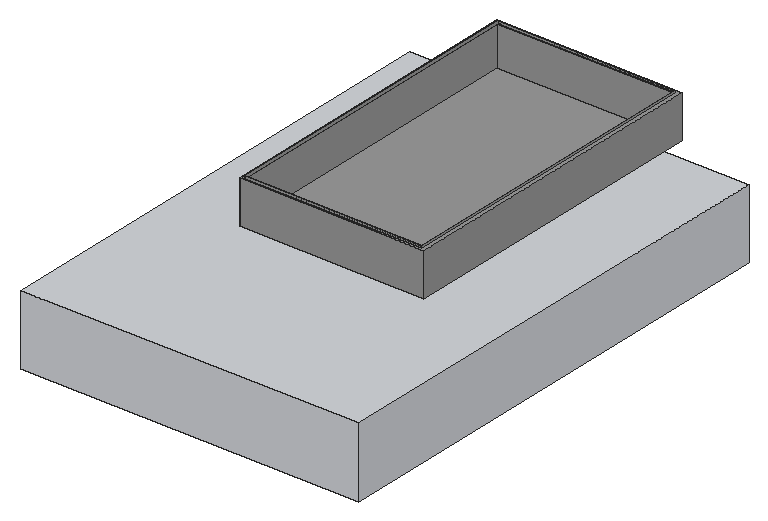
Revit family "Hager-Univers-IP30-D205-H1400-Cl.II-Encl-NL-en", category Equipement électrique, Revit 2020
Family settings
  Hôte = Face
  Configuration du panneau = Deux colonnes, circuits au sein
  Cote de connecteur circulaire = Utiliser le diamètre
  Type d'élément = Tableau de raccordement
  Couper avec des vides une fois chargée = Non
  Partagée = Non
  Point de calcul de pièce = Non
Parameters (values of type "Surface mounted (plaster) IP30 W800 H1400 D205  - FP93Q1S")
  Width Control [instance] = if([EF000008 - Width] > Min Width, [EF000008 - Width], Min Width)  # 800 mm
  Commentaires du type = [HG000003 - Range]  # "Univers"
  Thickness Door [instance] = if([EF009171 - Material plate thickness door/cover] > 3 mm, 3 mm, [EF009171 - Material plate thickness door/cover])  # 1 mm
  Seal Frame Offset [instance] = 17 mm  # constant formula
  Plinth Visibility [instance] = [HG000027 - Plinth height] > 0 mm  # no
  Model = ""
  Min Width [instance] = 100 mm  # constant formula
  Min Height [instance] = 100 mm  # constant formula
  Min Depth [instance] = (2 * [EF009170 - Material plate thickness cabinet]) + 1 mm  # 3 mm
  Internal Frame Depth [instance] = (Door System Depth * 0.5)  # 9 mm
  Height Control [instance] = if([EF000040 - Height] > Min Height, [EF000040 - Height], Min Height)  # 1400 mm
  HG000027 - Plinth height = 0 mm
  HG000026 - Floor standing = no
  HG000024 - Bottom section height = 800 mm
  HG000023 - Double section enclosure = no
  HG000016 - Door 3d visibility [instance] = yes
  HG000015 - Clearance visibility [instance] = no
  HG000014 - Door on the right [instance] = yes
  HG000013 - Door on the left [instance] = not([HG000014 - Door on the right])  # no
  HG000012 - Door swing angle [instance] = 30.00°
  HG000010 - Asymmetric doors = no
  HG000009 - Double swing door = no
  HG000006 - Flush mounted = no
  HG000004 - Manufacturer reference = "FP93Q1S"
  HG000003 - Range = "Univers"
  HG000002 - With door or cover = no
  Frame Offset Bottom [instance] = 10 mm  # constant formula
  Frame Offset [instance] = 15 mm  # constant formula
  EF015940 - Cover with overpressure release = no
  EF011959 - Degree of protection (NEMA) = ""
  EF009554 - Number of openings for flange plates = 6
  EF009212 - Cover model = "EV009916 - With notch"
  EF009171 - Material plate thickness door/cover = 1 mm
  EF009170 - Material plate thickness cabinet = 1 mm
  Fabricant = "Hager"  # constant formula
  EF008873 - Nominal current (In) = 250 A
  EF007800 - Suitable for lightning protection = no
  EF006306 - With lock = no
  EF006244 - Transparent cover/door = no
  EF005474 - Degree of protection (IP) = "EV006410 - IP30"
  EF004464 - Type of door = "EV000494 - None"
  EF004427 - Number of modules = 324
  EF004293 - Impact strength = "EV006813 - IK07"
  EF003532 - Suitable for outdoor use = no
  EF002950 - Width in number of modular spacings = 36
  EF001613 - Circuit integrity = "EV000494 - None"
  EF001596 - Material housing = "EV000179 - Steel"
  EF001131 - Internal depth = 130 mm
  EF001088 - Extension possible = yes
  EF000437 - Number of conduit inlets = 6
  EF000339 - Type of cover = "EV000494 - None"
  EF000266 - Number of rows = 9
  EF000218 - Built-in depth = 0 mm
  EF000118 - With mounting plate = no
  EF000116 - RAL-number = "9010"
  EF000049 - Depth = 205 mm
  EF000040 - Height = 1400 mm
  EF000008 - Width = 800 mm
  EF000007 - Colour = "EV000202 - White"
  EF000003 - Mounting method = "EV000384 - Surface mounted (plaster)"
  Door System Leaf Tolerance [instance] = 1.5 mm  # constant formula
  Door System Depth [instance] = 18 mm  # constant formula
  Door Height [instance] = Height Control - [HG000027 - Plinth height]  # 1400 mm
  Depth Control [instance] = if([EF000049 - Depth] > Min Depth, [EF000049 - Depth], Min Depth)  # 205 mm
  Default Elevation = 0 mm
  Connector Offset [instance] = Height Control / 2  # 700 mm
  Bottom Top Plate Trim [instance] = 1.5 mm  # constant formula
  Plinth height Ctrl [instance] = if([HG000027 - Plinth height] > 0 mm, [HG000027 - Plinth height], 12 mm)  # 12 mm
Types (5, lengths in mm): name | Width Control | HG000004 - Manufacturer reference | EF009554 - Number of openings for flange plates | EF004427 - Number of modules | EF002950 - Width in number of modular spacings | EF000437 - Number of conduit inlets | EF000008 - Width
  Surface mounted (plaster) IP30 W1050 H1400 D205  - FP94Q1S | 1050 | "FP94Q1S" | 8 | 432 | 48 | 8 | 1050
  Surface mounted (plaster) IP30 W1300 H1400 D205  - FP95Q1S | 1300 | "FP95Q1S" | 10 | 540 | 60 | 10 | 1300
  Surface mounted (plaster) IP30 W300 H1400 D205  - FP91Q1S | 300 | "FP91Q1S" | 2 | 108 | 12 | 2 | 300
  Surface mounted (plaster) IP30 W550 H1400 D205  - FP92Q1S | 550 | "FP92Q1S" | 4 | 216 | 24 | 4 | 550
  Surface mounted (plaster) IP30 W800 H1400 D205  - FP93Q1S | 800 | "FP93Q1S" | 6 | 324 | 36 | 6 | 800
Reference planes
  plane 1 "Center (Front/Back)": y = 0
  plane 2: z = 0
  plane 3 "Center (Left/Right)": x = 0
  plane 4: z = 205
  plane 5: y = 1
  plane 6: y = 700
  plane 7: y = 0
  plane 8: y = 1400
  plane 9: z = 0
  plane 10: x = -385
  plane 11: x = 385
  plane 12: x = 384
  plane 13: x = -384
  plane 14: y = 1399
  plane 15: x = -383
  plane 16: x = -400
  plane 17: x = 383
  plane 18: x = 400
  plane 19: x = 399
  plane 20: x = -399
  plane 21: y = 11
  plane 22: y = 1400
  plane 23: y = 1384
  plane 24: z = 187
  plane 25: z = 1
  plane 26: z = 186
  plane 27: z = 204
Forms (mm)
  Extrusion 1, solid
    sketch origin (0, 0, 0) x (1, 0, 0) y (0, 1, 0)
      loop
        line (-702.964, 1305) -> (-702.964, -811.445) -> (766.763, -811.445) -> (766.763, 1305) -> (-702.964, 1305)
    from 0 to -304.8
  Extrusion 2, solid, material "Hager_Steel_RAL7035_Light_Grey", visible <- "Plinth Visibility", detail levels medium+fine
    sketch origin (0, 0, 0) x (1, 0, 0) y (0, 1, 0)
      loop
        line (-400, 0) -> (400, 0) -> (400, 12) -> (-400, 12) -> (-400, 0)
    from 0 to 187
  Extrusion 3, solid, material "Hager_Steel_RAL7035_Light_Grey", detail levels medium+fine
    sketch origin (0, 0, 0) x (1, 0, 0) y (0, 1, 0)
      loop
        line (-400, 0) -> (400, 0) -> (400, 1400) -> (-400, 1400) -> (-400, 0)
    from 0 to 187
  Extrusion 4, void
    sketch origin (0, 0, 0) x (1, 0, 0) y (0, 1, 0)
      loop
        line (-399, 1) -> (399, 1) -> (399, 1399) -> (-399, 1399) -> (-399, 1)
    from 1 to 186
  Extrusion 5, void
    sketch origin (-381.607, -4572, 187) x (0, -1, 0) y (-1, 0, 0)
      loop
        line (-4583, 2.393) -> (-5956, 2.393) -> (-5956, -765.607) -> (-4583, -765.607) -> (-4583, 2.393)
    from 0 to 1 <- "EF009170 - Material plate thickness cabinet"
  Extrusion 6, solid, material "Hager_Steel_RAL7035_Light_Grey", detail levels fine
    sketch origin (0, 0, 187) x (1, 0, 0) y (0, 1, 0)
      loop
        line (-384, 1384) -> (-384, 11) -> (384, 11) -> (384, 1384) -> (-384, 1384)
      loop
        line (-385, 10) -> (385, 10) -> (385, 1385) -> (-385, 1385) -> (-385, 10)
    from 0 to 9 <- "Internal Frame Depth"
  Extrusion 7, solid, material "Hager_Steel_RAL7035_Light_Grey", detail levels coarse
    sketch origin (0, 0, 0) x (1, 0, 0) y (0, 1, 0)
      loop
        line (-400, 0) -> (400, 0) -> (400, 1400) -> (-400, 1400) -> (-400, 0)
    from 0 to 205
  Sweep 8, void
    path in 3D
      loop
        line (-400, 12, 0) -> (400, 12, 0) -> (400, 12, 187) -> (-400, 12, 187) -> (-400, 12, 0)
    profile origin (-400, 12, 93.5) x (-1, 0, 0) y (0, -1, 0)
      loop
        line (0, 0) -> (0, 1.5) -> (-1.5, 1.5)
        arc (-1.5, 1.5) -> (-1.061, 0.439) -> (0, 0) r 1.5
Cuts and joins
  Extrusion 4, Extrusion 5 cuts Extrusion 3
  Sweep 8 cuts Extrusion 2
Lines and regions (mm)
  Masking region 1
    outline origin (0, 0, 0) x (1, 0, 0) y (0, 0, 1)
      loop
        line (-400, 205) -> (-400, 0) -> (400, 0) -> (400, 205) -> (-400, 205)
  Masking region 2, detail levels medium+fine
    outline origin (0, 140, 0) x (0, 1, 0) y (0, 0, 1)
      loop
        line (-140, 0) -> (1260, 0) -> (1260, 187) -> (-140, 187) -> (-140, 0)
  Masking region 3, not visible, detail levels medium+fine
    outline origin (0, 297.922, 0) x (0, 1, 0) y (0, 0, 1)
      loop
        line (413.578, 0) -> (453.578, 0) -> (453.578, 194)
        arc (453.578, 194) -> (450.649, 201.071) -> (443.578, 204) r 10
        line (443.578, 204) -> (413.578, 204) -> (413.578, 0)
  Masking region 4, detail levels coarse
    outline origin (0, 0, 180) x (0, 1, 0) y (0, 0, 1)
      loop
        line (0, -180) -> (1400, -180) -> (1400, 25) -> (0, 25) -> (0, -180)
  Masking region 5, visible <- "Plinth Visibility", detail levels medium+fine
    outline origin (0, 52.24, 12.345) x (0, 0, -1) y (0, 1, 0)
      loop
        line (10.845, -40.24) -> (-173.155, -40.24)
        arc (-173.155, -40.24) -> (-173.594, -41.301) -> (-174.655, -41.74) r 1.5
        line (-174.655, -41.74) -> (-174.655, -52.24) -> (12.345, -52.24) -> (12.345, -41.74)
        arc (12.345, -41.74) -> (11.285, -41.301) -> (10.845, -40.24) r 1.5
  Masking region 6, detail levels medium+fine
    outline origin (-381.607, -4572, 187) x (-1, 0, 0) y (0, -1, 0)
      loop
        line (18.393, -5972) -> (18.393, -4572) -> (-781.607, -4572) -> (-781.607, -5972) -> (18.393, -5972)
  Masking region 7, visible <- "Plinth Visibility", detail levels medium+fine
    outline origin (-381.607, -4727, 187) x (-1, 0, 0) y (0, -1, 0)
      loop
        arc (16.893, -4739) -> (17.332, -4737.939) -> (18.393, -4737.5) r 1.5
        line (18.393, -4737.5) -> (18.393, -4727) -> (-781.607, -4727) -> (-781.607, -4737.5)
        arc (-781.607, -4737.5) -> (-780.546, -4737.939) -> (-780.107, -4739) r 1.5
        line (-780.107, -4739) -> (16.893, -4739)
  Masking region 8, detail levels coarse
    outline origin (-442.548, -4669.526, 187) x (-1, 0, 0) y (0, -1, 0)
      loop
        line (-42.548, -6069.526) -> (-42.548, -4669.526) -> (-842.548, -4669.526) -> (-842.548, -6069.526) -> (-42.548, -6069.526)
  sketch lines
    curve 1: line (-400, 12, 187) -> (-400, 12, 0)
    curve 2: line (400, 12, 187) -> (-400, 12, 187)
    curve 3: line (400, 12, 187) -> (400, 12, 0)
    curve 4: line (-400, 12, 0) -> (400, 12, 0)
Dimensions and locks
  "Depth Control": plane 4 to Extrusion 1
  "HG000027 - Plinth height": plane 1 "Center (Front/Back)" to plane 7
  "EF009170 - Material plate thickness cabinet": plane 5 to plane 7
  locked: connector elem to plane 3 "Center (Left/Right)"
  equal spacing: plane 8, plane 6, plane 7
  locked: connector elem to plane 6
  "EF009170 - Material plate thickness cabinet": plane 8 to plane 14
  "EF009170 - Material plate thickness cabinet": plane 10 to plane 13
  "EF009170 - Material plate thickness cabinet": plane 12 to plane 11
  "Frame Offset": plane 20 to plane 13
  "Frame Offset": plane 12 to plane 19
  "EF009170 - Material plate thickness cabinet": plane 16 to plane 20
  "EF009170 - Material plate thickness cabinet": plane 19 to plane 18
  "Seal Frame Offset": plane 16 to plane 15
  "Seal Frame Offset": plane 17 to plane 18
  "Frame Offset Bottom": plane 21 to plane 5
  "Frame Offset": plane 14 to plane 23
  equal spacing: plane 16, plane 3 "Center (Left/Right)", plane 18
  "Width Control": plane 16 to plane 18
  "EF009170 - Material plate thickness cabinet": plane 4 to plane 27
  "EF009170 - Material plate thickness cabinet": plane 24 to plane 26
  "EF009170 - Material plate thickness cabinet": plane 25 to level
  "Door System Depth": plane 4 to plane 24
  "Height Control": plane 1 "Center (Front/Back)" to Extrusion 7 sketch curve
  "Height Control": Masking region 4 sketch curve to plane 1 "Center (Front/Back)"
  "Height Control": plane 1 "Center (Front/Back)" to plane 22
  "Bottom Top Plate Trim": profile plane to Sweep 8 sketch curve
  "Bottom Top Plate Trim": Sweep 8 sketch curve to profile plane
  "Plinth height Ctrl": plane 1 "Center (Front/Back)" to Extrusion 2 sketch curve
  "Plinth height Ctrl": Masking region 5 sketch curve to plane 1 "Center (Front/Back)"
  "Plinth height Ctrl": plane 1 "Center (Front/Back)" to Masking region 7 sketch curve
  "Thickness Door": Extrusion 6 sketch curve to Extrusion 6 sketch curve  (x3)
  "Thickness Door": cut or joined group of Extrusion 3, Extrusion 4, Extrusion 5 to Extrusion 6 sketch curve
  radius of Masking region 3 sketch curve = 10 mm
  "Bottom Top Plate Trim": radius of Masking region 5 sketch curve  (x2)
  "Bottom Top Plate Trim": radius of Sweep 8 sketch curve
  "Bottom Top Plate Trim": radius of Masking region 7 sketch curve  (x2)
  aligned and locked: plane 2 to Extrusion 1
  aligned and locked: level to Extrusion 1
  aligned and locked: level to Masking region 1 sketch curve
  aligned and locked: Masking region 1 sketch curve to plane 18
  aligned and locked: Masking region 1 sketch curve to plane 16
  aligned and locked: plane 7 to Masking region 2 sketch curve
  aligned and locked: level to Masking region 3 sketch curve
  aligned and locked: Masking region 3 sketch curve to plane 27
  aligned and locked: level to Masking region 2 sketch curve
  aligned and locked: plane 1 "Center (Front/Back)" to Extrusion 2 sketch curve
  aligned and locked: Extrusion 3 sketch curve to plane 7
  aligned and locked: plane 16 to Extrusion 3 sketch curve
  aligned and locked: plane 18 to Extrusion 3 sketch curve
  aligned and locked: plane 20 to Extrusion 4 sketch curve
  aligned and locked: plane 19 to Extrusion 4 sketch curve
  aligned and locked: Extrusion 4 sketch curve to plane 5
  aligned and locked: Extrusion 4 to plane 25
  aligned and locked: plane 26 to Extrusion 4
  aligned and locked: plane 24 to Extrusion 3
  aligned and locked: Extrusion 5 sketch curve to plane 21
  aligned and locked: Extrusion 5 sketch curve to plane 13
  aligned and locked: Extrusion 5 sketch curve to plane 12
  aligned and locked: plane 18 to Extrusion 7 sketch curve
  aligned and locked: plane 1 "Center (Front/Back)" to Extrusion 7 sketch curve
  aligned and locked: plane 16 to Extrusion 7 sketch curve
  aligned and locked: plane 4 to Extrusion 7
  aligned and locked: Extrusion 7 to level
  aligned and locked: level to Masking region 4 sketch curve
  aligned and locked: Masking region 4 sketch curve to plane 1 "Center (Front/Back)"
  aligned and locked: Masking region 4 sketch curve to plane 4
  aligned and locked: nested 1 to level
  aligned and locked: nested 1 to plane 16
  aligned and locked: plane 8 to Extrusion 3 sketch curve
  aligned and locked: plane 23 to Extrusion 5 sketch curve
  aligned and locked: plane 14 to Extrusion 4 sketch curve
  aligned and locked: Masking region 2 sketch curve to plane 8
  aligned and locked: level to Masking region 5 sketch curve
  aligned and locked: plane 16 to Extrusion 2 sketch curve
  aligned and locked: plane 18 to Extrusion 2 sketch curve
  aligned and locked: Masking region 5 sketch curve to plane 24
  aligned and locked: Masking region 2 sketch curve to plane 24
  aligned and locked: plane 24 to Extrusion 2
  aligned and locked: profile plane to Sweep 8 sketch curve  (x2)
  aligned and locked: Masking region 6 sketch curve to plane 18
  aligned and locked: Masking region 6 sketch curve to plane 22
  aligned and locked: Masking region 6 sketch curve to plane 16
  aligned and locked: plane 8 to plane 22
  aligned and locked: Masking region 6 sketch curve to plane 7
  aligned and locked: Masking region 7 sketch curve to plane 16
  aligned and locked: Masking region 7 sketch curve to plane 1 "Center (Front/Back)"
  aligned and locked: Masking region 7 sketch curve to plane 18
  aligned and locked: Masking region 8 sketch curve to plane 1 "Center (Front/Back)"
  aligned and locked: Masking region 8 sketch curve to plane 18
  aligned and locked: Masking region 8 sketch curve to plane 22
  aligned and locked: Masking region 8 sketch curve to plane 16
  aligned and locked: nested 2 to plane 7
  aligned and locked: plane 3 "Center (Left/Right)" to nested 2
  aligned and locked: nested 2 to plane 24
  aligned and locked: Extrusion 6 sketch curve to cut or joined group of Extrusion 3, Extrusion 4, Extrusion 5  (x4)
Automatic sketch dimensions
  Extrusion 1 sketch curve to Extrusion 1 sketch curve = 1469.727 mm
  Extrusion 1 sketch curve to Extrusion 1 sketch curve = 2116.445 mm
  Masking region 1 sketch curve to plane 4 = 0 mm
  plane 6 to Masking region 3 sketch curve = 11.5 mm
  Masking region 3 sketch curve to Masking region 3 sketch curve = 30 mm
  Masking region 5 sketch curve to plane 1 "Center (Front/Back)" = 0 mm
Nested families
  nested 1: "Hager_Enclosure_Symbol" at (-400, 0, 0) x (1, 0, 0) z (0, -1, 0), Height <- "Depth Control", Width <- "Width Control", type "Hager_Enclosure_Symbol"
    with Width_Ctrl 800 mm, Width 800 mm, Height_Ctrl 205 mm, Height 205 mm, A_Width_Int 13.453 mm, A_Width 161.438 mm, A_Height_Ctrl 179.375 mm, A_Height 179.375 mm
  nested 2: "EC000058_Univers_Door" at (0, 0, 187) x (1, 0, 0) z (0, 1, 0), Leaf_Tolerance <- "Door System Leaf Tolerance", Angle <- "HG000012 - Door swing angle", Door_Depth <- "Door System Depth", Door_Left <- "HG000013 - Door on the left", Transparent <- "EF006244 - Transparent cover/door", Assymetrical <- "HG000010 - Asymmetric doors", Width <- "Width Control", Clearance <- "HG000015 - Clearance visibility", Double <- "HG000009 - Double swing door", 3d_Door <- "HG000016 - Door 3d visibility", Lock_Visibility <- "EF006306 - With lock", Width_Ctrl <- "Width Control", Door_Right <- "HG000014 - Door on the right", Door <- "HG000002 - With door or cover", Height <- "Door Height", Thickness <- "Thickness Door", type "EC000058_Univers_Door", detail levels medium+fine
    with min_wh 3 mm, Width_Ctrl 800 mm, Width 800 mm, Transparent no, Thickness 1 mm, Seal_Material Hager_Rubber, Lock_Visibility no, Lock_Material Hager_Plastic_RAL9005_Jet_Black, Leaf_Width 800 mm, Leaf_Tolerance_External_Sides 0 mm, Leaf_Tolerance 1.5 mm, Leaf_Offset 0 mm, Leaf_Height 1397 mm, Leaf_2_Width 800 mm, Leaf_2_Offset 400 mm, Leaf_1_Width 800 mm, Leaf_1_Offset 400 mm, Height_Ctrl 1400 mm, Height 1400 mm, Glass_Material Hager_Glass, Double_Clearance_Ctrl no, Double no, Door_Right_Ctrl no, Door_Right yes, Door_Material Hager_Steel_RAL7035_Light_Grey, Door_Left_Ctrl no, Door_Left no, Door_Depth 18 mm, Door no, Clearance_Material Hager_Clearance, Clearance_Depth 800 mm, Clearance_Ctrl no, Clearance no, Assymetrical no, Angle 30.00°, 3d_Door yes
Connectors
  electrical at (0, 700, 0)
    settings: on plane 9, index 1, voltage 0 V, apparent load 0 VA, apparent load phase1 0 VA, apparent load phase2 0 VA, apparent load phase3 0 VA, power factor 1, load classification "Other", number of poles 1, system type 30, power factor state 1, is connector primary yes, connector utility no, sub classification motor no, connector description ""
Definition of nested family "Hager_Enclosure_Symbol"
  Parameters (values of type "Hager_Enclosure_Symbol")
    Width_Ctrl [instance] = if(Width > 1 mm, Width, 1 mm)  # 102.27 mm
    Width [instance] = 102.27 mm
    Height_Ctrl [instance] = if(Height > 1 mm, Height, 1 mm)  # 66.5 mm
    A_Width_Int [instance] = if(A_Width / 12 > 2 mm, A_Width / 12, 2 mm)  # 4.364 mm
    A_Width [instance] = if(A_Height_Ctrl * 0.9 > 2 mm, A_Height_Ctrl * 0.9, 2 mm)  # 52.369 mm
    A_Height_Ctrl [instance] = if(A_Height > 2 mm, A_Height, 2 mm)  # 58.188 mm
    Height [instance] = 66.5 mm
    A_Height [instance] = Height - (Height / 8)  # 58.188 mm
  Reference planes
    plane 1 "Centre (avant/arrière)": y = 0
    plane 2: z = 0
    plane 3 "Centre (gauche/droite)": x = 0
    plane 4: x = 52.369
    plane 5: y = 33.042
    plane 6: y = 41.77
    plane 7: y = 66.5
    plane 8: x = 26.184
    plane 9: y = 37.406
    plane 10: x = 102.27
    plane 11: y = 66.5
    plane 12: y = 8.313
  Lines and regions (mm)
    Filled region 1, type "Solid_Black", in view "Niveau de réf."
      outline origin (0, 0, 0) x (1, 0, 0) y (0, 1, 0)
        loop
          line (52.369, 66.5) -> (33.188, 54.536) -> (45.365, 45.006) -> (52.369, 66.5)
    Filled region 2, type "Solid_Black", in view "Niveau de réf."
      outline origin (0, 0, 0) x (1, 0, 0) y (0, 1, 0)
        loop
          line (0, 0) -> (102.27, 0) -> (102.27, 66.5) -> (0, 0)
    detail lines, in view "Niveau de réf."
      curve 1: line (0, 8.313, 0) -> (26.184, 41.77, 0)
      curve 2: line (26.184, 41.77, 0) -> (26.184, 33.042, 0)
      curve 3: line (26.184, 33.042, 0) -> (52.369, 66.5, 0)
  Dimensions and locks
    "A_Width": plane 3 "Centre (gauche/droite)" to plane 4
    equal spacing: plane 3 "Centre (gauche/droite)", plane 8, plane 4
    equal spacing: plane 6, plane 9, plane 5
    equal spacing: curve 3, Filled region 1 sketch curve, Filled region 1 sketch curve
    "Height_Ctrl": plane 1 "Centre (avant/arrière)" to plane 11
    "A_Height_Ctrl": plane 11 to plane 12
    equal spacing: plane 11, plane 9, plane 12
    "A_Width_Int": plane 6 to plane 9
    "Width_Ctrl": plane 3 "Centre (gauche/droite)" to plane 10
    angle Filled region 1 sketch curve to curve 3 = 20.00°
    angle curve 3 to Filled region 1 sketch curve = 20.00°
    locked: curve 3 to Filled region 1 sketch curve (angle 90.00°)
    aligned and locked: plane 10 to Filled region 2
    aligned and locked: plane 11 to Filled region 2 sketch curve
    aligned and locked: plane 10 to Filled region 2 sketch curve
    aligned and locked: plane 3 "Centre (gauche/droite)" to curve 1
    aligned and locked: plane 12 to curve 1
    aligned and locked: plane 7 to plane 11
  Automatic sketch dimensions
    Filled region 1 sketch curve to plane 4 = 0 mm
    Filled region 1 sketch curve to plane 7 = 0 mm
    plane 1 "Centre (avant/arrière)" to Filled region 2 sketch curve = 0 mm
    Filled region 2 sketch curve to plane 3 "Centre (gauche/droite)" = 0 mm
    curve 2 to plane 6 = 0 mm
    curve 2 to plane 8 = 0 mm
    curve 3 to plane 4 = 0 mm
    curve 2 to plane 5 = 0 mm
    curve 3 to plane 7 = 0 mm
Definition of nested family "EC000058_Univers_Door"
  Parameters (values of type "EC000058_Univers_Door")
    min_wh [instance] = (2 * Thickness) + 1 mm  # 11 mm
    Width_Ctrl [instance] = 400 mm
    Width [instance] = 500 mm
    Transparent [instance] = yes
    Thickness [instance] = 5 mm
    Seal_Material [instance] = none
    Lock_Visibility [instance] = yes
    Lock_Material [instance] = none
    Leaf_Width [instance] = if((Width_Ctrl - 2 * Leaf_Tolerance_External_Sides) > 0 mm, (Width_Ctrl - 2 * Leaf_Tolerance_External_Sides), min_wh)  # 400 mm
    Leaf_Tolerance_External_Sides [instance] = 0 mm  # constant formula
    Leaf_Tolerance [instance] = 1.5 mm
    Leaf_Offset [instance] = 0 mm  # constant formula
    Leaf_Height [instance] = if((Height_Ctrl - 2 * Leaf_Tolerance) > 0 mm, (Height_Ctrl - 2 * Leaf_Tolerance), min_wh)  # 497 mm
    Leaf_2_Width [instance] = if(and(and(Double, Assymetrical), Door_Left), (Leaf_Width / 3) - (Leaf_Tolerance / 2), if(and(and(Double, Assymetrical), Door_Right), (Leaf_Width / 3) * 2 - (Leaf_Tolerance / 2), if(and(Double, not(Assymetrical)), (Leaf_Width / 2) - Leaf_Tolerance, Leaf_Width)))  # 400 mm
    Leaf_2_Offset [instance] = if(and(Double, Assymetrical), Leaf_2_Width / 2, if(and(Double, not(Assymetrical)), Leaf_Width / 4, Leaf_Width / 2))  # 200 mm
    Leaf_1_Width [instance] = if(and(and(Double, Assymetrical), Door_Right), (Leaf_Width / 3) - (Leaf_Tolerance / 2), if(and(and(Double, Assymetrical), Door_Left), (Width / 3) * 2 - (Leaf_Tolerance / 2), if(and(Double, not(Assymetrical)), (Leaf_Width / 2) - Leaf_Tolerance, Leaf_Width)))  # 400 mm
    Leaf_1_Offset [instance] = if(and(Double, Assymetrical), Leaf_1_Width / 2, if(and(Double, not(Assymetrical)), Leaf_Width / 4, Leaf_Width / 2))  # 200 mm
    Height_Ctrl [instance] = if(Height > min_wh, Height, min_wh)  # 500 mm
    Height [instance] = 500 mm
    Glass_Material [instance] = none
    Double_Clearance_Ctrl [instance] = and(Double, Clearance)  # no
    Double [instance] = no
    Door_Right_Ctrl [instance] = and(or(Door_Right, Double), Door)  # yes
    Door_Right [instance] = yes
    Door_Material [instance] = none
    Door_Left_Ctrl [instance] = and(or(Door_Left, Double), Door)  # no
    Door_Left [instance] = no
    Door_Depth [instance] = 30 mm
    Door [instance] = yes
    Default Elevation = 1219.2 mm
    Clearance_Material [instance] = none
    Clearance_Depth [instance] = if(Leaf_1_Width > Leaf_2_Width, Leaf_1_Width, Leaf_2_Width)  # 400 mm
    Clearance_Ctrl [instance] = and(not(Double), Clearance)  # yes
    Clearance [instance] = yes
    Assymetrical [instance] = yes
    Angle [instance] = 30.00°
    3d_Door [instance] = yes
  Reference planes
    plane 1 "Center (Front/Back)": y = 0
    plane 2 "Bottom": z = 0
    plane 3 "Center (Left/Right)": x = 0
    plane 4: z = 500
    plane 5: x = -200
    plane 6: x = 200
    plane 7: z = 500
    plane 8: x = -200
    plane 9: z = 0
    plane 10: x = 200
    plane 11: y = 0
    plane 12: z = 1.5
    plane 13: x = -600
    plane 14: y = -400
    plane 15: x = 600
    plane 16: x = 0
    plane 17: x = 0
    plane 18: x = -200
    plane 19: x = 200
    plane 20: z = 498.5
  Forms (mm)
    Extrusion 1, solid, material <- "Clearance_Material", visible <- "Double_Clearance_Ctrl"
      sketch origin (1200, 0, 0) x (1, 0, 0) y (0, 0, -1)
        loop
          line (-1800, -498.5) -> (-600, -498.5) -> (-600, 0) -> (-1800, 0) -> (-1800, -498.5)
      from 0 to -400
  Dimensions and locks
    equal spacing: plane 5, plane 3 "Center (Left/Right)", plane 6
    "Width_Ctrl": plane 5 to plane 6
    "Leaf_Offset": plane 5 to plane 8
    "Leaf_Offset": plane 6 to plane 10
    "Leaf_Offset": plane 9 to level
    "Leaf_Offset": plane 4 to plane 7
    "Height_Ctrl": plane 4 to level
    "Leaf_Tolerance": plane 12 to plane 9
    locked: plane 11 to plane 1 "Center (Front/Back)"
    "Leaf_1_Offset": plane 18 to plane 16
    "Leaf_2_Offset": plane 17 to plane 19
    "Leaf_1_Width": plane 13 to plane 8
    "Leaf_2_Width": plane 10 to plane 15
    "Clearance_Depth": plane 14 to plane 1 "Center (Front/Back)"
    "Leaf_Tolerance_External_Sides": plane 8 to plane 18
    "Leaf_Tolerance_External_Sides": plane 19 to plane 10
    "Leaf_Tolerance": plane 7 to plane 20
    aligned and locked: level to plane 2 "Bottom"
    aligned and locked: nested 1 to plane 16
    aligned and locked: nested 2 to plane 17
    aligned and locked: Extrusion 1 to plane 13
    aligned and locked: plane 15 to Extrusion 1
    aligned and locked: Extrusion 1 to plane 14
    aligned and locked: plane 12 to nested 1
    aligned and locked: nested 2 to plane 12
    aligned and locked: Extrusion 1 to plane 11
    aligned and locked: plane 20 to Extrusion 1
    aligned and locked: nested 2 to plane 11
    aligned and locked: nested 1 to plane 11
  Automatic sketch dimensions
    Extrusion 1 sketch curve to level = 0 mm
    plane 5 to Extrusion 1 sketch curve = 400 mm
    plane 6 to Extrusion 1 sketch curve = 400 mm
    Extrusion 1 sketch curve to plane 4 = 1.5 mm
  Nested families
    nested 1: "EC000058_Univers_Door_Leaf" at (0, 0, 1.5), Width <- "Leaf_1_Width", visible <- "Door_Left_Ctrl", Leaf_Height <- "Leaf_Height", Angle <- "Angle", 3d_Door <- "3d_Door", Transparent <- "Transparent", Clearance Material <- "Clearance_Material", Clearance <- "Clearance_Ctrl", Door_Material <- "Door_Material", Glass_Material <- "Glass_Material", Door_Depth <- "Door_Depth", Lock_Material <- "Lock_Material", Seal_Material <- "Seal_Material", Lock_Visibility <- "Lock_Visibility", Thickness <- "Thickness", type "EC000058_Univers_Door_Leaf"
      with Width 400 mm, Transparent_Glass_Offset 30 mm, Transparent_Ctrl yes, Transparent yes, Thickness 5 mm, Standard no, Seal_Material none, Seal_D2 8 mm, Seal_D1 1 mm, Offset_Internal_Frame 10 mm, Lock_Width 20 mm, Lock_Visibility_3d yes, Lock_Visibility yes, Lock_Thickness_3 3 mm, Lock_Thickness_2 1 mm, Lock_Thickness_1 3 mm, Lock_Radius_Offset_2 16 mm, Lock_Radius_Offset_1 15 mm, Lock_Radius_2 5 mm, Lock_Radius 6 mm, Lock_Offset 5 mm, Lock_Material none, Lock_Height 80 mm, Lock_Cover_Top_Offset_2d 17 mm, Lock_Cover_Height -65 mm, Leaf_Height 497 mm, Internal_Seal_Thickness 8 mm, Internal_Seal_Depth_2 4.5 mm, Internal_Frame_Depth 25 mm, Glass_Thickness -1 mm, Glass_Offset -2 mm, Glass_Material none, Door_Material none, Door_Depth 30 mm, Clearance Material none, Clearance yes, Angle_Ctrl 30.00°, Angle 30.00°, 3d_Door yes
    nested 2: "EC000058_Univers_Door_Leaf" at (0, 0, 1.5) x (-1, 0, 0) z (0, 0, 1), Width <- "Leaf_2_Width", visible <- "Door_Right_Ctrl", Leaf_Height <- "Leaf_Height", Angle <- "Angle", 3d_Door <- "3d_Door", Transparent <- "Transparent", Clearance Material <- "Clearance_Material", Clearance <- "Clearance_Ctrl", Door_Material <- "Door_Material", Glass_Material <- "Glass_Material", Door_Depth <- "Door_Depth", Lock_Material <- "Lock_Material", Seal_Material <- "Seal_Material", Lock_Visibility <- "Lock_Visibility", Thickness <- "Thickness", type "EC000058_Univers_Door_Leaf"
      with Width 400 mm, Transparent_Glass_Offset 30 mm, Transparent_Ctrl yes, Transparent yes, Thickness 5 mm, Standard no, Seal_Material none, Seal_D2 8 mm, Seal_D1 1 mm, Offset_Internal_Frame 10 mm, Lock_Width 20 mm, Lock_Visibility_3d yes, Lock_Visibility yes, Lock_Thickness_3 3 mm, Lock_Thickness_2 1 mm, Lock_Thickness_1 3 mm, Lock_Radius_Offset_2 16 mm, Lock_Radius_Offset_1 15 mm, Lock_Radius_2 5 mm, Lock_Radius 6 mm, Lock_Offset 5 mm, Lock_Material none, Lock_Height 80 mm, Lock_Cover_Top_Offset_2d 17 mm, Lock_Cover_Height -65 mm, Leaf_Height 497 mm, Internal_Seal_Thickness 8 mm, Internal_Seal_Depth_2 4.5 mm, Internal_Frame_Depth 25 mm, Glass_Thickness -1 mm, Glass_Offset -2 mm, Glass_Material none, Door_Material none, Door_Depth 30 mm, Clearance Material none, Clearance yes, Angle_Ctrl 30.00°, Angle 30.00°, 3d_Door yes
  Definition of nested family "EC000058_Univers_Door_Leaf"
    Parameters (values of type "EC000058_Univers_Door_Leaf")
      Width [instance] = 2000 mm
      Transparent_Glass_Offset [instance] = 30 mm
      Transparent_Ctrl [instance] = and(Transparent, [3d_Door])  # yes
      Transparent [instance] = yes
      Thickness [instance] = 5 mm
      Standard [instance] = and(not(Transparent), [3d_Door])  # no
      Seal_Material [instance] = none
      Seal_D2 [instance] = 8 mm  # constant formula
      Seal_D1 [instance] = 1 mm  # constant formula
      Offset_Internal_Frame [instance] = 10 mm  # constant formula
      Lock_Width [instance] = 20 mm  # constant formula
      Lock_Visibility_3d [instance] = and(Lock_Visibility, [3d_Door])  # yes
      Lock_Visibility [instance] = yes
      Lock_Thickness_3 [instance] = 3 mm  # constant formula
      Lock_Thickness_2 [instance] = 1 mm  # constant formula
      Lock_Thickness_1 [instance] = 3 mm  # constant formula
      Lock_Radius_Offset_2 [instance] = Lock_Radius_Offset_1 + 1 mm  # 16 mm
      Lock_Radius_Offset_1 [instance] = 15 mm  # constant formula
      Lock_Radius_2 [instance] = Lock_Radius - 1 mm  # 5 mm
      Lock_Radius [instance] = 6 mm  # constant formula
      Lock_Offset [instance] = 5 mm  # constant formula
      Lock_Material [instance] = none
      Lock_Height [instance] = 80 mm  # constant formula
      Lock_Cover_Top_Offset_2d [instance] = Lock_Radius_Offset_2 + 1 mm  # 17 mm
      Lock_Cover_Height [instance] = -(Lock_Height - Lock_Radius_Offset_1)  # -65 mm
      Leaf_Height [instance] = 2720.336 mm
      Internal_Seal_Thickness [instance] = 8 mm  # constant formula
      Internal_Seal_Depth_2 [instance] = 4.5 mm  # constant formula
      Internal_Frame_Depth [instance] = if(Door_Depth - Thickness > 5 mm, Door_Depth - Thickness, 5 mm)  # 25 mm
      Glass_Thickness [instance] = if(Thickness > 15 mm, Glass_Offset + 10 mm, -1 mm)  # -1 mm
      Glass_Offset [instance] = if(Thickness > 15 mm, -(Thickness + 10 mm) / 2, -2 mm)  # -2 mm
      Glass_Material [instance] = none
      Door_Material [instance] = none
      Door_Depth [instance] = 30 mm
      Default Elevation = 0 mm
      Clearance Material [instance] = none
      Clearance [instance] = yes
      Angle_Ctrl [instance] = if(Angle > 180.00°, 180.00°, Angle)  # 90.00°
      Angle [instance] = 90.00°
      3d_Door [instance] = yes
    Reference planes
      plane 1 "Center (Front/Back)": y = 0
      plane 2: z = 0
      plane 3 "Center (Left/Right)": x = 0
      plane 4: y = 2000
      plane 5: x = -1000
      plane 6: x = 1000
      plane 7: x = -3000
      plane 8: z = 2720.336
      plane 9: z = 30
      plane 10: z = 2690.336
      plane 11: x = 970
      plane 12: x = -970
      plane 13: y = -3
      plane 14: z = 107.833
      plane 15: y = -5
      plane 16: y = -223.314
      plane 17: x = -1000
      plane 18: z = 1360.168
      plane 19: y = 30
    Forms (mm)
      Extrusion 1, solid, material <- "Clearance Material", visible <- "Clearance"
        sketch origin (0, 0, 0) x (1, 0, 0) y (0, 0, 1)
          loop
            line (-3000, 2720.336) -> (-3000, 0) -> (1000, 0) -> (1000, 2720.336) -> (-3000, 2720.336)
        from 0 to -2000
      Extrusion 2, solid, material <- "Door_Material", visible <- "Standard", detail levels medium+fine
        sketch origin (-1000, 0, 0) x (0, 1, 0) y (-1, 0, 0)
          loop
            line (0, 30) -> (0, 25) -> (2000, 25) -> (2000, 30) -> (0, 30)
        from 0 to 2720.336 <- "Leaf_Height"
      Extrusion 3, solid, material <- "Door_Material", visible <- "Transparent_Ctrl", detail levels medium+fine
        sketch origin (-1000, 0, 0) x (0, 1, 0) y (-1, 0, 0)
          loop
            line (0, 25) -> (2000, 25) -> (2000, 30) -> (0, 30) -> (0, 25)
        from 0 to 2720.336 <- "Leaf_Height"
      Extrusion 4, void
        sketch origin (-1025, 2000, 0) x (0, 1, 0) y (0, 0, -1)
          loop
            line (-30, -2690.336) -> (-30, -30) -> (-1970, -30) -> (-1970, -2690.336) -> (-30, -2690.336)
        from 0 to 5 <- "Thickness"
      Sweep 5, solid, material <- "Seal_Material", visible <- "Transparent_Ctrl", detail levels fine
        path in 3D
          loop
            line (-1025, 30, 30) -> (-1025, 30, 2690.336) -> (-1025, 1970, 2690.336) -> (-1025, 1970, 30) -> (-1025, 30, 30)
        profile origin (-1025, 1000, 30) x (1, 0, 0) y (0, 0, 1)
          loop
            line (0, 0) -> (0, -8) -> (1, -8) -> (1, 0) -> (0, 0)
      Extrusion 6, solid, material <- "Glass_Material", visible <- "Transparent_Ctrl", detail levels medium+fine
        sketch origin (-1030, 0, 0) x (0, 1, 0) y (0, 0, -1)
          loop
            line (1970, -2690.336) -> (1970, -30) -> (30, -30) -> (30, -2690.336) -> (1970, -2690.336)
        from -2 <- "Glass_Offset" to -1 <- "Glass_Thickness"
      Extrusion 7, solid, material <- "Door_Material", visible <- "3d_Door", detail levels medium+fine
        sketch origin (-1025, 2000, 0) x (0, -1, 0) y (0, 0, -1)
          loop
            line (0, -2720.336) -> (2000, -2720.336) -> (2000, 0) -> (0, 0) -> (0, -2720.336)
          loop
            line (1995, -5) -> (5, -5) -> (5, -2715.336) -> (1995, -2715.336) -> (1995, -5)
        from 0 to 25 <- "Internal_Frame_Depth"
      Sweep 8, solid, material <- "Seal_Material", visible <- "Transparent_Ctrl", detail levels fine
        path in 3D
          loop
            line (-1025, 0, 0) -> (-1025, 2000, 0) -> (-1025, 2000, 2720.336) -> (-1025, 0, 2720.336) -> (-1025, 0, 0)
        profile origin (-1025, 0, 1360.168) x (1, 0, 0) y (0, 1, 0)
          loop
            line (0, 10) -> (2.975, 10)
            arc (2.975, 10) -> (4.053, 10.447) -> (4.5, 11.525) r 1.525
            line (4.5, 11.525) -> (4.5, 16.527)
            arc (4.5, 16.527) -> (4.069, 17.569) -> (3.027, 18) r 1.473
            line (3.027, 18) -> (0, 18) -> (0, 10)
      Extrusion 9, solid, material <- "Lock_Material", visible <- "Lock_Visibility_3d", detail levels fine
        sketch origin (-1030, 0, 0) x (0, 1, 0) y (0, 0, -1)
          loop
            arc (1993.5, -1400.168) -> (1994.561, -1399.729) -> (1995, -1398.668) r 1.5
            line (1995, -1398.668) -> (1995, -1320.168) -> (1975, -1320.168) -> (1975, -1398.668)
            arc (1975, -1398.668) -> (1975.439, -1399.729) -> (1976.5, -1400.168) r 1.5
            line (1976.5, -1400.168) -> (1993.5, -1400.168)
        from 3 <- "Lock_Thickness_1" to 0
      Blend 10, solid, material <- "Lock_Material", visible <- "Lock_Visibility_3d", detail levels fine
        base sketch origin (-1033, 0, 0) x (0, 1, 0) y (0, 0, -1)
          loop
            line (1975, -1320.168) -> (1975, -1398.668)
            arc (1975, -1398.668) -> (1975.439, -1399.729) -> (1976.5, -1400.168) r 1.5
            line (1976.5, -1400.168) -> (1993.5, -1400.168)
            arc (1993.5, -1400.168) -> (1994.561, -1399.729) -> (1995, -1398.668) r 1.5
            line (1995, -1398.668) -> (1995, -1320.168) -> (1975, -1320.168)
        top sketch origin (-1033, 0, 0) x (0, 1, 0) y (0, 0, -1)
          loop
            line (1976, -1320.168) -> (1976, -1398.668)
            arc (1976, -1398.668) -> (1976.146, -1399.022) -> (1976.5, -1399.168) r 0.5
            line (1976.5, -1399.168) -> (1993.5, -1399.168)
            arc (1993.5, -1399.168) -> (1993.854, -1399.022) -> (1994, -1398.668) r 0.5
            line (1994, -1398.668) -> (1994, -1320.168) -> (1976, -1320.168)
        from 0 to 1 <- "Lock_Thickness_2"
      Blend 11, solid, material <- "Lock_Material", visible <- "Lock_Visibility_3d", detail levels fine
        base sketch origin (-1034, 0, 0) x (0, 1, 0) y (0, 0, -1)
          loop
            line (1978, -1320.168) -> (1978, -1384.168)
            arc (1978, -1384.168) -> (1985, -1391.168) -> (1992, -1384.168) r 7
            line (1992, -1384.168) -> (1992, -1320.168) -> (1978, -1320.168)
        top sketch origin (-1034, 0, 0) x (0, 1, 0) y (0, 0, -1)
          loop
            line (1991, -1320.168) -> (1979, -1320.168) -> (1979, -1383.168)
            arc (1979, -1383.168) -> (1985, -1389.168) -> (1991, -1383.168) r 6
            line (1991, -1383.168) -> (1991, -1320.168)
        from 0 to 3 <- "Lock_Thickness_3"
      Extrusion 12, solid, material <- "Lock_Material", visible <- "Lock_Visibility_3d", detail levels fine
        sketch origin (-1030, 1975, 1320.168) x (1, 0, 0) y (0, -1, 0)
          loop
            line (-7, -19) -> (-7, -1) -> (0, -1) -> (0, 0) -> (-8, 0) -> (-8, -20) -> (0, -20) -> (0, -19) -> (-7, -19)
        from 0 to -65 <- "Lock_Cover_Height"
      Extrusion 13, void
        sketch origin (-1038, 1995, 1320.168) x (-1, 0, 0) y (0, 0, -1)
          loop
            line (-5, -65) -> (0, -65) -> (-5, -60) -> (-5, -65)
        from 0 to 20 <- "Lock_Width"
      Extrusion 14, void
        sketch origin (-1038, 1975, 1320.168) x (0, -1, 0) y (0, 0, -1)
          loop
            circle (-10, -15.995) r 6
          loop
            circle (-10, -15.995) r 5
        from 0 to 2
      Extrusion 15, solid, material <- "Lock_Material", visible <- "Lock_Visibility_3d", detail levels medium
        sketch origin (-1030, 0, 0) x (0, 1, 0) y (0, 0, -1)
          loop
            arc (1993.5, -1400.168) -> (1994.561, -1399.729) -> (1995, -1398.668) r 1.5
            line (1995, -1398.668) -> (1995, -1320.168) -> (1975, -1320.168) -> (1975, -1398.668)
            arc (1975, -1398.668) -> (1975.439, -1399.729) -> (1976.5, -1400.168) r 1.5
            line (1976.5, -1400.168) -> (1993.5, -1400.168)
        from 8 to 0
    Cuts and joins
      Extrusion 4 cuts Extrusion 3
      Extrusion 13, Extrusion 14 cuts Extrusion 9
      Extrusion 14 cuts Blend 11
      Extrusion 13, Extrusion 14 cuts Extrusion 12
      joined: Extrusion 9, Blend 10, Blend 11, Extrusion 12
      Extrusion 14 cuts Extrusion 15
    Lines and regions (mm)
      Masking region 1, visible <- "Lock_Visibility", detail levels fine
        outline origin (0, 0, 0) x (0, 1, 0) y (0, 0, 1)
          loop
            line (30, 1320.168) -> (33, 1320.168) -> (33, 1400.168) -> (30, 1400.168) -> (30, 1320.168)
      Masking region 2, visible <- "Lock_Visibility", detail levels fine
        outline origin (0, 3.143, 0) x (0, 1, 0) y (0, 0, 1)
          loop
            line (29.857, 1354.168) -> (30.857, 1354.168) -> (30.857, 1366.168) -> (29.857, 1366.168) -> (29.857, 1354.168)
      Masking region 3, detail levels medium+fine
        outline origin (0, 0, 0) x (0, 1, 0) y (0, 0, 1)
          loop
            line (0, 0) -> (30, 0) -> (30, 2720.336) -> (0, 2720.336) -> (0, 0)
      Masking region 4, detail levels medium+fine
        outline origin (0, 0, 0) x (1, 0, 0) y (0, 0, 1)
          loop
            line (-1000, 2720.336) -> (-1000, 0) -> (1000, 0) -> (1000, 2720.336) -> (-1000, 2720.336)
      Masking region 5, visible <- "Lock_Visibility", detail levels fine
        outline origin (-47.116, 0, 0) x (1, 0, 0) y (0, 0, 1)
          loop
            arc (1024.616, 1399.168) -> (1023.556, 1398.729) -> (1023.116, 1397.668) r 1.5
            line (1023.116, 1397.668) -> (1023.116, 1320.168) -> (1041.116, 1320.168) -> (1041.116, 1397.668)
            arc (1041.116, 1397.668) -> (1040.677, 1398.729) -> (1039.616, 1399.168) r 1.5
            line (1039.616, 1399.168) -> (1024.616, 1399.168)
      Masking region 6, visible <- "Lock_Visibility", detail levels medium+fine
        outline origin (-25, 0, 0) x (1, 0, 0) y (0, 0, 1)
          loop
            arc (1001.5, 1400.168) -> (1000.439, 1399.729) -> (1000, 1398.668) r 1.5
            line (1000, 1398.668) -> (1000, 1320.168) -> (1020, 1320.168) -> (1020, 1398.668)
            arc (1020, 1398.668) -> (1019.561, 1399.729) -> (1018.5, 1400.168) r 1.5
            line (1018.5, 1400.168) -> (1001.5, 1400.168)
      Masking region 7, visible <- "Lock_Visibility", detail levels fine
        outline origin (-73.735, 0, 0) x (1, 0, 0) y (0, 0, 1)
          loop
            line (1051.735, 1382.168) -> (1065.735, 1382.168) -> (1065.735, 1384.168)
            arc (1065.735, 1384.168) -> (1058.735, 1391.168) -> (1051.735, 1384.168) r 7
            line (1051.735, 1384.168) -> (1051.735, 1382.168)
      Masking region 8, visible <- "Lock_Visibility", detail levels fine
        outline origin (-73.735, 0, 0) x (1, 0, 0) y (0, 0, 1)
          loop
            line (1052.735, 1382.168) -> (1064.735, 1382.168) -> (1064.735, 1383.168)
            arc (1064.735, 1383.168) -> (1058.735, 1389.168) -> (1052.735, 1383.168) r 6
            line (1052.735, 1383.168) -> (1052.735, 1382.168)
      Masking region 9, visible <- "Lock_Visibility", detail levels fine
        outline origin (-25, 0, 0) x (1, 0, 0) y (0, 0, 1)
          loop
            line (1020, 1320.168) -> (1020, 1382.168) -> (1000, 1382.168) -> (1000, 1320.168) -> (1020, 1320.168)
      Masking region 10, detail levels medium+fine
        outline origin (0, 0, 0) x (1, 0, 0) y (0, 0, 1)
          loop
            circle (985, 1335.144) r 6
      Masking region 11, detail levels fine
        outline origin (0, 0, 0) x (1, 0, 0) y (0, 0, 1)
          loop
            circle (985, 1335.144) r 5
      Masking region 12, visible <- "Lock_Visibility", detail levels fine
        outline origin (0, 12.767, 0) x (0, 1, 0) y (0, 0, 1)
          loop
            line (20.233, 1320.168) -> (21.233, 1320.168) -> (21.233, 1399.168) -> (20.233, 1400.168) -> (20.233, 1320.168)
      Masking region 13, visible <- "Lock_Visibility", detail levels fine
        outline origin (0, 13.767, -10) x (0, 1, 0) y (0, 0, 1)
          loop
            line (20.233, 1330.168) -> (23.233, 1330.168) -> (23.233, 1399.168) -> (20.233, 1402.168) -> (20.233, 1330.168)
      Masking region 14, visible <- "Lock_Visibility", detail levels fine
        outline origin (0, 12.767, -10) x (0, 1, 0) y (0, 0, 1)
          loop
            line (20.233, 1330.168) -> (25.233, 1330.168) -> (25.233, 1399.305) -> (20.233, 1394.305) -> (20.233, 1330.168)
      Masking region 15, visible <- "Lock_Visibility", detail levels medium
        outline origin (0, 0, 0) x (0, 1, 0) y (0, 0, 1)
          loop
            line (30, 1320.168) -> (38, 1320.168) -> (38, 1400.168) -> (30, 1400.168) -> (30, 1320.168)
      Masking region 16, visible <- "Lock_Visibility", detail levels fine
        outline origin (-1000, 0, 0) x (0, 1, 0) y (-1, 0, 0)
          loop
            line (1975, 30) -> (1995, 30) -> (1995, 38) -> (1975, 38) -> (1975, 30)
          loop
            line (1979, 37) -> (1976, 37) -> (1976, 34) -> (1978, 34) -> (1979, 37)
          loop
            line (1994, 37) -> (1991, 37) -> (1992, 34) -> (1994, 34) -> (1994, 37)
      Masking region 17, visible <- "Lock_Visibility", detail levels medium
        outline origin (-1000, 0, 0) x (0, 1, 0) y (-1, 0, 0)
          loop
            line (1975, 30) -> (1995, 30) -> (1995, 38) -> (1975, 38) -> (1975, 30)
      symbolic lines
        curve 1: line (1000, 0, 0) -> (-3000, 0, 0)
        curve 2: arc (1000, 0, 0) -> (-1000, 2000, 0) -> (-3000, 0, 0) r 2000
        curve 4: line (-1030, 0, 0) -> (-1030, 2000, 0)
      reference lines
        curve 3: line (-1000, 0, 0) -> (-1000, 2000, 0)
      symbolic lines, detail levels medium+fine
        curve 5: line (-1030, 2000, 0) -> (-1025, 2000, 0)
        curve 7: line (-1025, 0, 0) -> (-1030, 0, 0)
        curve 8: line (-1025, 0, 0) -> (-1000, 0, 0)
        curve 9: line (-1000, 0, 0) -> (-1000, 2000, 0)
        curve 10: line (-1000, 2000, 0) -> (-1025, 2000, 0)
      symbolic lines, detail levels fine
        curve 6: line (-1025, 2000, 0) -> (-1025, 0, 0)
      sketch lines
        curve 11: line (-1025, 0, 2720.336) -> (-1025, 0, 0)
        curve 12: line (-1025, 2000, 0) -> (-1025, 0, 0)
        curve 13: line (-1025, 2000, 2720.336) -> (-1025, 2000, 0)
        curve 14: line (-1025, 0, 2720.336) -> (-1025, 2000, 2720.336)
        curve 15: line (-1025, 1970, 30) -> (-1025, 30, 30)
        curve 16: line (-1025, 30, 30) -> (-1025, 30, 2690.336)
        curve 17: line (-1025, 1970, 2690.336) -> (-1025, 1970, 30)
        curve 18: line (-1025, 30, 2690.336) -> (-1025, 1970, 2690.336)
      symbolic lines, visible <- "Transparent", detail levels medium+fine
        curve 19: line (-970, 0, 2690.336) -> (970, 0, 2690.336)
        curve 20: line (-970, 0, 30) -> (-970, 0, 2690.336)
        curve 21: line (970, 0, 30) -> (-970, 0, 30)
        curve 22: line (970, 0, 2690.336) -> (970, 0, 30)
    Dimensions and locks
      "Width": plane 1 "Center (Front/Back)" to plane 4
      equal spacing: plane 5, plane 3 "Center (Left/Right)", plane 6
      "Width": plane 5 to plane 6
      "Width": plane 7 to plane 5
      "Leaf_Height": plane 8 to level
      "Width": curve 5 to curve 3
      "Width": curve 3 to curve 3
      plane 8 to plane 10 = 30 mm
      plane 9 to level = 30 mm
      plane 12 to plane 5 = 30 mm
      plane 6 to plane 11 = 30 mm
      Extrusion 1 to Extrusion 4 sketch curve = 30 mm
      "Transparent_Glass_Offset": curve 3 to Extrusion 4 sketch curve
      "Transparent_Glass_Offset": Extrusion 4 sketch curve to cut or joined group of Extrusion 3, Extrusion 4  (x2)
      cut or joined group of Extrusion 3, Extrusion 4 to Extrusion 6 sketch curve = 30 mm
      "Transparent_Glass_Offset": cut or joined group of Extrusion 3, Extrusion 4 to Extrusion 4 sketch curve
      "Thickness": curve 6 to curve 4
      "Thickness": Extrusion 7 sketch curve to Extrusion 7 sketch curve  (x4)
      "Door_Depth": curve 4 to curve 3
      "Offset_Internal_Frame": profile plane to Sweep 8 sketch curve
      "Internal_Seal_Thickness": Sweep 8 sketch curve to Sweep 8 sketch curve
      "Internal_Seal_Depth_2": profile plane to Sweep 8 sketch curve
      "Seal_D1": profile plane to Sweep 5 sketch curve
      "Seal_D2": profile plane to Sweep 5 sketch curve
      "Thickness": Extrusion 2 sketch curve to Extrusion 2 sketch curve
      equal spacing: Extrusion 9 sketch curve, plane 18, Extrusion 9 sketch curve  (x2)
      equal spacing: Masking region 1 sketch curve, plane 18, Masking region 1 sketch curve
      "Lock_Height": Masking region 1 sketch curve to Masking region 1 sketch curve
      "Lock_Radius": Masking region 2 sketch curve to plane 18 to Masking region 2 sketch curve
      Masking region 2 sketch curve to Masking region 1 = 1 mm
      "Door_Depth": plane 19 to plane 1 "Center (Front/Back)"
      "Lock_Thickness_1": Masking region 1 sketch curve to plane 19
      "Lock_Width": Extrusion 9 sketch curve to Extrusion 9 sketch curve
      "Lock_Height": Extrusion 9 sketch curve to Extrusion 9 sketch curve
      "Lock_Offset": cut or joined group of Extrusion 3, Extrusion 4 to Extrusion 9 sketch curve
      equal spacing: plane 8, plane 18, level
      "Lock_Radius_Offset_1": Blend 11 sketch curve to Blend 10
      locked: Blend 10 to Blend 11 sketch curve at 2  (x2)
      locked: var sketch to Blend 11 sketch curve at 1  (x2)
      "Lock_Radius_Offset_2": Blend 11 sketch curve to Blend 10
      locked: Extrusion 12 sketch curve to Extrusion 12 sketch curve at 1  (x3)
      Masking region 6 sketch curve to Masking region 6 sketch curve = 80 mm
      "Lock_Height": Masking region 6 sketch curve to Masking region 6 sketch curve
      "Lock_Width": Masking region 6 sketch curve to Masking region 6 sketch curve
      locked: Masking region 6 to Masking region 5 sketch curve at 1  (x3)
      locked: Masking region 5 to Masking region 7 sketch curve at 2  (x2)
      "Lock_Radius_Offset_1": Masking region 5 to Masking region 7 sketch curve
      "Lock_Radius_Offset_2": Masking region 5 to Masking region 8 sketch curve
      locked: Masking region 7 to Masking region 8 sketch curve at 1  (x2)
      "Lock_Cover_Top_Offset_2d": Masking region 5 to Masking region 9 sketch curve
      equal spacing: Masking region 9, Masking region 10 sketch curve, Masking region 9
      equal spacing: Masking region 9, Masking region 11 sketch curve, Masking region 9
      Extrusion 15 sketch curve to Extrusion 15 sketch curve = 80 mm
      "Lock_Width": Extrusion 15 sketch curve to Extrusion 15 sketch curve
      "Lock_Height": Extrusion 15 sketch curve to Extrusion 15 sketch curve
      equal spacing: Extrusion 15 sketch curve, plane 18, Extrusion 15 sketch curve
      "Lock_Thickness_3": Masking region 13 sketch curve to Masking region 13 sketch curve
      "Lock_Height": Masking region 12 sketch curve to Masking region 12 sketch curve
      locked: Masking region 13 sketch curve to Masking region 1 at 8
      locked: Masking region 14 sketch curve to Masking region 13 at 1
      locked: Masking region 14 sketch curve to Masking region 1 at 10.863
      "Lock_Height": Masking region 15 sketch curve to Masking region 15 sketch curve
      "Lock_Offset": Extrusion 15 sketch curve to cut or joined group of Extrusion 3, Extrusion 4
      "Lock_Offset": plane 6 to Masking region 6 sketch curve
      radius of Sweep 8 sketch curve = 1.525 mm
      radius of Sweep 8 sketch curve = 1.473 mm
      radius of Extrusion 9 sketch curve = 1.5 mm  (x2)
      "Lock_Radius": radius of Extrusion 14 sketch curve
      "Lock_Radius_2": radius of Extrusion 14 sketch curve
      "Lock_Radius": radius of Masking region 10 sketch curve
      "Lock_Radius_2": radius of Masking region 11 sketch curve
      radius of Extrusion 15 sketch curve = 1.5 mm  (x2)
      "Angle_Ctrl": angle plane 1 "Center (Front/Back)" to curve 3
      locked: Masking region 12 sketch curve to Masking region 12 sketch curve (angle 45.00°)
      locked: Masking region 13 sketch curve to Masking region 13 sketch curve (angle 45.00°)
      locked: Masking region 14 sketch curve to Masking region 14 sketch curve (angle 45.00°)
      aligned and locked: level to plane 2
      aligned and locked: Extrusion 1 to curve 1
      aligned and locked: plane 6 to Extrusion 1
      aligned and locked: Extrusion 1 to plane 1 "Center (Front/Back)"
      aligned and locked: plane 4 to Extrusion 1
      aligned and locked: plane 8 to Extrusion 1
      aligned and locked: curve 7 to Extrusion 2 sketch curve
      aligned and locked: curve 5 to Extrusion 2 sketch curve
      aligned and locked: curve 7 to Extrusion 3 sketch curve
      aligned and locked: Extrusion 3 sketch curve to curve 4
      aligned and locked: Extrusion 3 sketch curve to curve 6
      aligned and locked: Extrusion 3 sketch curve to curve 5
      aligned and locked: curve 9 to curve 3
      aligned and locked: Extrusion 7 sketch curve to cut or joined group of Extrusion 3, Extrusion 4  (x4)
      aligned and locked: plane 17 to curve 3
      aligned and locked: plane 1 "Center (Front/Back)" to curve 3
      aligned and locked: plane 17 to plane 5
      aligned and locked: Sweep 8 sketch curve to profile plane
      aligned and locked: Sweep 5 sketch curve to profile plane  (x2)
      aligned and locked: Masking region 1 to Masking region 2 sketch curve
      aligned and locked: plane 19 to Masking region 1 sketch curve
      aligned and locked: plane 1 "Center (Front/Back)" to Masking region 3 sketch curve
      aligned and locked: plane 19 to Masking region 3 sketch curve
      aligned and locked: level to Masking region 3 sketch curve
      aligned and locked: Masking region 3 sketch curve to plane 8
      aligned and locked: plane 17 to Masking region 4 sketch curve
      aligned and locked: level to Masking region 4 sketch curve
      aligned and locked: Masking region 4 sketch curve to plane 8
      aligned and locked: plane 12 to curve 20
      aligned and locked: plane 10 to curve 19
      aligned and locked: plane 11 to curve 22
      aligned and locked: curve 21 to plane 9
      aligned and locked: Extrusion 2 sketch curve to cut or joined group of Extrusion 3, Extrusion 4
      aligned and locked: Blend 10 sketch curve to Extrusion 9  (x4)
      aligned and locked: Extrusion 9 to Blend 10 sketch curve
      aligned and locked: Blend 10 to Blend 11 sketch curve
      aligned and locked: Extrusion 12 sketch curve to Blend 11
      aligned and locked: Extrusion 12 sketch curve to Extrusion 9  (x4)
      aligned and locked: Masking region 5 sketch curve to Masking region 6
      aligned and locked: Masking region 9 sketch curve to Masking region 6  (x3)
      aligned and locked: Masking region 12 sketch curve to Masking region 1
      aligned and locked: Masking region 13 sketch curve to Masking region 1
      aligned and locked: Masking region 12 to Masking region 14
      aligned and locked: Masking region 14 sketch curve to Masking region 1
      aligned and locked: Masking region 15 sketch curve to Masking region 14
      aligned and locked: Masking region 13 sketch curve to Masking region 12
      aligned and locked: Masking region 16 sketch curve to cut or joined group of Extrusion 14, Extrusion 15  (x4)
      aligned and locked: Masking region 16 sketch curve to cut or joined group of Extrusion 9, Blend 10, Blend 11, Extrusion 12, Extrusion 13, Extrusion 14  (x6)
      aligned and locked: cut or joined group of Extrusion 9, Blend 10, Blend 11, Extrusion 12, Extrusion 13, Extrusion 14 to Masking region 16 sketch curve
      aligned and locked: Masking region 17 sketch curve to cut or joined group of Extrusion 14, Extrusion 15  (x3)
      aligned and locked: Masking region 17 sketch curve to cut or joined group of Extrusion 9, Blend 10, Blend 11, Extrusion 12, Extrusion 13, Extrusion 14
      aligned and locked: Masking region 9 to Masking region 8 sketch curve
      aligned and locked: Masking region 9 to Masking region 7 sketch curve
    Automatic sketch dimensions
      plane 1 "Center (Front/Back)" to curve 2 = 0 mm
      curve 2 to plane 5 = 0 mm
      Extrusion 1 sketch curve to level = 0 mm
      Extrusion 1 sketch curve to plane 7 = 0 mm
      Extrusion 1 sketch curve to plane 6 = 0 mm
      Extrusion 1 sketch curve to plane 8 = 0 mm
      Extrusion 3 to Extrusion 6 sketch curve = 30 mm  (x4)
      Masking region 4 sketch curve to plane 6 = 0 mm
      Blend 10 sketch curve to Extrusion 9 = 1.5 mm
      Blend 10 sketch curve to Extrusion 9 = 1 mm
      Extrusion 13 sketch curve to Extrusion 12 = 0 mm  (x2)
      Extrusion 12 to Extrusion 13 sketch curve = 3 mm
      Extrusion 13 sketch curve to Extrusion 12 = 5 mm
      Extrusion 14 sketch curve to Extrusion 14 sketch curve = 0 mm  (x2)
      Extrusion 14 sketch curve to Extrusion 12 = 10 mm
      Extrusion 14 sketch curve to Extrusion 12 = 15.995 mm
      Masking region 5 sketch curve to Masking region 5 sketch curve = 1.5 mm  (x2)
      Masking region 10 sketch curve to plane 18 = 25.024 mm
      Masking region 11 sketch curve to plane 18 = 25.024 mm
      plane 19 to Masking region 14 sketch curve = 3 mm
      Masking region 16 sketch curve to Masking region 16 sketch curve = 3 mm
      curve 4 to curve 3 = 0 mm
      Blend 10 to Blend 11 sketch curve = 0 mm
      Masking region 6 sketch curve to Masking region 6 sketch curve = 1.5 mm  (x2)
      Masking region 6 sketch curve to plane 18 = 40 mm
      plane 19 to Masking region 12 sketch curve = 3 mm
      Masking region 12 sketch curve to Masking region 12 sketch curve = 1 mm
      Masking region 15 sketch curve to plane 19 = 0 mm
      Masking region 15 sketch curve to plane 18 = 40 mm
      radius of Blend 10 sketch curve to Extrusion 9 = 1 mm
